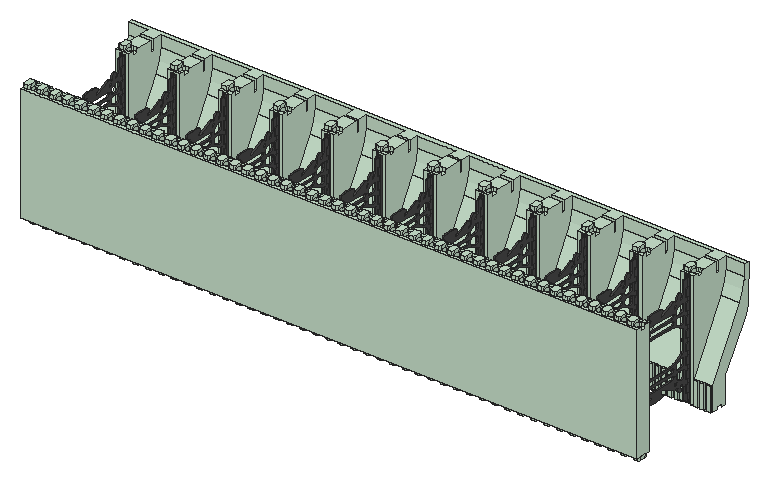
Revit family (continued)
Forms (in)
  Extrusion 106, void
    sketch origin (90, -6, 0) x (-1, 0, 0) y (0, -1, 0)
      loop
        arc (2, 4.89808) -> (1.95215, 5.04517) -> (1.82692, 5.13595) r 0.25
        arc (1.82692, 5.13595) -> (1.5, 5.1875) -> (1.17308, 5.13595) r 1.0625
        arc (1.17308, 5.13595) -> (1.04785, 5.04517) -> (1, 4.89808) r 0.25
    from 0 to 0.5
  Extrusion 107, void
    sketch origin (92, -6, 0) x (-1, 0, 0) y (0, -1, 0)
      loop
        line (1, 4.89808) -> (1, 3.97692)
        arc (1, 3.97692) -> (1.04785, 3.82983) -> (1.17308, 3.73905) r 0.25
        arc (1.17308, 3.73905) -> (1.42092, 3.69045) -> (1.67323, 3.70172) r 1.0625
        arc (1.67323, 3.70172) -> (1.72385, 3.68771) -> (1.74592, 3.64005) r 0.0625
        line (1.74592, 3.64005) -> (1.74592, 3.41845) -> (1.91675, 3.41845) -> (1.91675, 3.76455)
        arc (1.91675, 3.76455) -> (1.92106, 3.78736) -> (1.9334, 3.80702) r 0.0625
        arc (1.9334, 3.80702) -> (1.98276, 3.88568) -> (2, 3.97692) r 0.25
        line (2, 3.97692) -> (2, 4.89808)
        arc (2, 4.89808) -> (1.95215, 5.04517) -> (1.82692, 5.13595) r 0.25
        arc (1.82692, 5.13595) -> (1.5, 5.1875) -> (1.17308, 5.13595) r 1.0625
        arc (1.17308, 5.13595) -> (1.04785, 5.04517) -> (1, 4.89808) r 0.25
    from 0 to 0.5
  Extrusion 108, void
    sketch origin (94, -6, 0) x (-1, 0, 0) y (0, -1, 0)
      loop
        line (1, 4.89808) -> (1, 3.97692)
        arc (1, 3.97692) -> (1.04785, 3.82983) -> (1.17308, 3.73905) r 0.25
        arc (1.17308, 3.73905) -> (1.42092, 3.69045) -> (1.67323, 3.70172) r 1.0625
        arc (1.67323, 3.70172) -> (1.72385, 3.68771) -> (1.74592, 3.64005) r 0.0625
        line (1.74592, 3.64005) -> (1.74592, 3.41845) -> (1.91675, 3.41845) -> (1.91675, 3.76455)
        arc (1.91675, 3.76455) -> (1.92106, 3.78736) -> (1.9334, 3.80702) r 0.0625
        arc (1.9334, 3.80702) -> (1.98276, 3.88568) -> (2, 3.97692) r 0.25
        line (2, 3.97692) -> (2, 4.89808)
        arc (2, 4.89808) -> (1.95215, 5.04517) -> (1.82692, 5.13595) r 0.25
        arc (1.82692, 5.13595) -> (1.5, 5.1875) -> (1.17308, 5.13595) r 1.0625
        arc (1.17308, 5.13595) -> (1.04785, 5.04517) -> (1, 4.89808) r 0.25
    from 0 to 0.5
  Extrusion 109, void
    sketch origin (96, -6, 0) x (-1, 0, 0) y (0, -1, 0)
      loop
        line (1, 4.89808) -> (1, 3.97692)
        arc (1, 3.97692) -> (1.04785, 3.82983) -> (1.17308, 3.73905) r 0.25
        arc (1.17308, 3.73905) -> (1.42092, 3.69045) -> (1.67323, 3.70172) r 1.0625
        arc (1.67323, 3.70172) -> (1.72385, 3.68771) -> (1.74592, 3.64005) r 0.0625
        line (1.74592, 3.64005) -> (1.74592, 3.41845) -> (1.91675, 3.41845) -> (1.91675, 3.76455)
        arc (1.91675, 3.76455) -> (1.92106, 3.78736) -> (1.9334, 3.80702) r 0.0625
        arc (1.9334, 3.80702) -> (1.98276, 3.88568) -> (2, 3.97692) r 0.25
        line (2, 3.97692) -> (2, 4.89808)
        arc (2, 4.89808) -> (1.95215, 5.04517) -> (1.82692, 5.13595) r 0.25
        arc (1.82692, 5.13595) -> (1.5, 5.1875) -> (1.17308, 5.13595) r 1.0625
        arc (1.17308, 5.13595) -> (1.04785, 5.04517) -> (1, 4.89808) r 0.25
    from 0 to 0.5
  Extrusion 110, void
    sketch origin (94, 0, 0) x (1, 0, 0) y (0, 1, 0)
      loop
        line (1, 4.89808) -> (1, 3.97692)
        arc (1, 3.97692) -> (1.04785, 3.82983) -> (1.17308, 3.73905) r 0.25
        arc (1.17308, 3.73905) -> (1.42092, 3.69045) -> (1.67323, 3.70172) r 1.0625
        arc (1.67323, 3.70172) -> (1.72385, 3.68771) -> (1.74592, 3.64005) r 0.0625
        line (1.74592, 3.64005) -> (1.74592, 3.41845) -> (1.91675, 3.41845) -> (1.91675, 3.76455)
        arc (1.91675, 3.76455) -> (1.92106, 3.78736) -> (1.9334, 3.80702) r 0.0625
        arc (1.9334, 3.80702) -> (1.98276, 3.88568) -> (2, 3.97692) r 0.25
        line (2, 3.97692) -> (2, 4.89808)
        arc (2, 4.89808) -> (1.95215, 5.04517) -> (1.82692, 5.13595) r 0.25
        arc (1.82692, 5.13595) -> (1.5, 5.1875) -> (1.17308, 5.13595) r 1.0625
        arc (1.17308, 5.13595) -> (1.04785, 5.04517) -> (1, 4.89808) r 0.25
    from 0 to 0.5
  Extrusion 111, void
    sketch origin (92, 0, 0) x (1, 0, 0) y (0, 1, 0)
      loop
        line (1, 4.89808) -> (1, 3.97692)
        arc (1, 3.97692) -> (1.04785, 3.82983) -> (1.17308, 3.73905) r 0.25
        arc (1.17308, 3.73905) -> (1.42092, 3.69045) -> (1.67323, 3.70172) r 1.0625
        arc (1.67323, 3.70172) -> (1.72385, 3.68771) -> (1.74592, 3.64005) r 0.0625
        line (1.74592, 3.64005) -> (1.74592, 3.41845) -> (1.91675, 3.41845) -> (1.91675, 3.76455)
        arc (1.91675, 3.76455) -> (1.92106, 3.78736) -> (1.9334, 3.80702) r 0.0625
        arc (1.9334, 3.80702) -> (1.98276, 3.88568) -> (2, 3.97692) r 0.25
        line (2, 3.97692) -> (2, 4.89808)
        arc (2, 4.89808) -> (1.95215, 5.04517) -> (1.82692, 5.13595) r 0.25
        arc (1.82692, 5.13595) -> (1.5, 5.1875) -> (1.17308, 5.13595) r 1.0625
        arc (1.17308, 5.13595) -> (1.04785, 5.04517) -> (1, 4.89808) r 0.25
    from 0 to 0.5
  Extrusion 112, void
    sketch origin (90, 0, 0) x (1, 0, 0) y (0, 1, 0)
      loop
        line (1, 4.89808) -> (1, 3.97692)
        arc (1, 3.97692) -> (1.04785, 3.82983) -> (1.17308, 3.73905) r 0.25
        arc (1.17308, 3.73905) -> (1.42092, 3.69045) -> (1.67323, 3.70172) r 1.0625
        arc (1.67323, 3.70172) -> (1.72385, 3.68771) -> (1.74592, 3.64005) r 0.0625
        line (1.74592, 3.64005) -> (1.74592, 3.41845) -> (1.91675, 3.41845) -> (1.91675, 3.76455)
        arc (1.91675, 3.76455) -> (1.92106, 3.78736) -> (1.9334, 3.80702) r 0.0625
        arc (1.9334, 3.80702) -> (1.98276, 3.88568) -> (2, 3.97692) r 0.25
        line (2, 3.97692) -> (2, 4.89808)
        arc (2, 4.89808) -> (1.95215, 5.04517) -> (1.82692, 5.13595) r 0.25
        arc (1.82692, 5.13595) -> (1.5, 5.1875) -> (1.17308, 5.13595) r 1.0625
        arc (1.17308, 5.13595) -> (1.04785, 5.04517) -> (1, 4.89808) r 0.25
    from 0 to 0.5
  Extrusion 113, void
    sketch origin (88, 0, 0) x (1, 0, 0) y (0, 1, 0)
      loop
        line (1, 4.89808) -> (1, 3.97692)
        arc (1, 3.97692) -> (1.04785, 3.82983) -> (1.17308, 3.73905) r 0.25
        arc (1.17308, 3.73905) -> (1.42092, 3.69045) -> (1.67323, 3.70172) r 1.0625
        arc (1.67323, 3.70172) -> (1.72385, 3.68771) -> (1.74592, 3.64005) r 0.0625
        line (1.74592, 3.64005) -> (1.74592, 3.41845) -> (1.91675, 3.41845) -> (1.91675, 3.76455)
        arc (1.91675, 3.76455) -> (1.92106, 3.78736) -> (1.9334, 3.80702) r 0.0625
        arc (1.9334, 3.80702) -> (1.98276, 3.88568) -> (2, 3.97692) r 0.25
        line (2, 3.97692) -> (2, 4.89808)
        arc (2, 4.89808) -> (1.95215, 5.04517) -> (1.82692, 5.13595) r 0.25
        arc (1.82692, 5.13595) -> (1.5, 5.1875) -> (1.17308, 5.13595) r 1.0625
        arc (1.17308, 5.13595) -> (1.04785, 5.04517) -> (1, 4.89808) r 0.25
    from 0 to 0.5
  Extrusion 114, void
    sketch origin (86, 0, 0) x (1, 0, 0) y (0, 1, 0)
      loop
        line (1, 4.89808) -> (1, 3.97692)
        arc (1, 3.97692) -> (1.04785, 3.82983) -> (1.17308, 3.73905) r 0.25
        arc (1.17308, 3.73905) -> (1.42092, 3.69045) -> (1.67323, 3.70172) r 1.0625
        arc (1.67323, 3.70172) -> (1.72385, 3.68771) -> (1.74592, 3.64005) r 0.0625
        line (1.74592, 3.64005) -> (1.74592, 3.41845) -> (1.91675, 3.41845) -> (1.91675, 3.76455)
        arc (1.91675, 3.76455) -> (1.92106, 3.78736) -> (1.9334, 3.80702) r 0.0625
        arc (1.9334, 3.80702) -> (1.98276, 3.88568) -> (2, 3.97692) r 0.25
        line (2, 3.97692) -> (2, 4.89808)
        arc (2, 4.89808) -> (1.95215, 5.04517) -> (1.82692, 5.13595) r 0.25
        arc (1.82692, 5.13595) -> (1.5, 5.1875) -> (1.17308, 5.13595) r 1.0625
        arc (1.17308, 5.13595) -> (1.04785, 5.04517) -> (1, 4.89808) r 0.25
    from 0 to 0.5
  Extrusion 115, void
    sketch origin (84, 0, 0) x (1, 0, 0) y (0, 1, 0)
      loop
        line (1, 4.89808) -> (1, 3.97692)
        arc (1, 3.97692) -> (1.04785, 3.82983) -> (1.17308, 3.73905) r 0.25
        arc (1.17308, 3.73905) -> (1.42092, 3.69045) -> (1.67323, 3.70172) r 1.0625
        arc (1.67323, 3.70172) -> (1.72385, 3.68771) -> (1.74592, 3.64005) r 0.0625
        line (1.74592, 3.64005) -> (1.74592, 3.41845) -> (1.91675, 3.41845) -> (1.91675, 3.76455)
        arc (1.91675, 3.76455) -> (1.92106, 3.78736) -> (1.9334, 3.80702) r 0.0625
        arc (1.9334, 3.80702) -> (1.98276, 3.88568) -> (2, 3.97692) r 0.25
        line (2, 3.97692) -> (2, 4.89808)
        arc (2, 4.89808) -> (1.95215, 5.04517) -> (1.82692, 5.13595) r 0.25
        arc (1.82692, 5.13595) -> (1.5, 5.1875) -> (1.17308, 5.13595) r 1.0625
        arc (1.17308, 5.13595) -> (1.04785, 5.04517) -> (1, 4.89808) r 0.25
    from 0 to 0.5
  Extrusion 116, void
    sketch origin (82, 0, 0) x (1, 0, 0) y (0, 1, 0)
      loop
        line (1, 4.89808) -> (1, 3.97692)
        arc (1, 3.97692) -> (1.04785, 3.82983) -> (1.17308, 3.73905) r 0.25
        arc (1.17308, 3.73905) -> (1.42092, 3.69045) -> (1.67323, 3.70172) r 1.0625
        arc (1.67323, 3.70172) -> (1.72385, 3.68771) -> (1.74592, 3.64005) r 0.0625
        line (1.74592, 3.64005) -> (1.74592, 3.41845) -> (1.91675, 3.41845) -> (1.91675, 3.76455)
        arc (1.91675, 3.76455) -> (1.92106, 3.78736) -> (1.9334, 3.80702) r 0.0625
        arc (1.9334, 3.80702) -> (1.98276, 3.88568) -> (2, 3.97692) r 0.25
        line (2, 3.97692) -> (2, 4.89808)
        arc (2, 4.89808) -> (1.95215, 5.04517) -> (1.82692, 5.13595) r 0.25
        arc (1.82692, 5.13595) -> (1.5, 5.1875) -> (1.17308, 5.13595) r 1.0625
        arc (1.17308, 5.13595) -> (1.04785, 5.04517) -> (1, 4.89808) r 0.25
    from 0 to 0.5
  Extrusion 117, void
    sketch origin (80, 0, 0) x (1, 0, 0) y (0, 1, 0)
      loop
        line (1, 4.89808) -> (1, 3.97692)
        arc (1, 3.97692) -> (1.04785, 3.82983) -> (1.17308, 3.73905) r 0.25
        arc (1.17308, 3.73905) -> (1.42092, 3.69045) -> (1.67323, 3.70172) r 1.0625
        arc (1.67323, 3.70172) -> (1.72385, 3.68771) -> (1.74592, 3.64005) r 0.0625
        line (1.74592, 3.64005) -> (1.74592, 3.41845) -> (1.91675, 3.41845) -> (1.91675, 3.76455)
        arc (1.91675, 3.76455) -> (1.92106, 3.78736) -> (1.9334, 3.80702) r 0.0625
        arc (1.9334, 3.80702) -> (1.98276, 3.88568) -> (2, 3.97692) r 0.25
        line (2, 3.97692) -> (2, 4.89808)
        arc (2, 4.89808) -> (1.95215, 5.04517) -> (1.82692, 5.13595) r 0.25
        arc (1.82692, 5.13595) -> (1.5, 5.1875) -> (1.17308, 5.13595) r 1.0625
        arc (1.17308, 5.13595) -> (1.04785, 5.04517) -> (1, 4.89808) r 0.25
    from 0 to 0.5
  Extrusion 118, void
    sketch origin (78, 0, 0) x (1, 0, 0) y (0, 1, 0)
      loop
        line (1, 4.89808) -> (1, 3.97692)
        arc (1, 3.97692) -> (1.04785, 3.82983) -> (1.17308, 3.73905) r 0.25
        arc (1.17308, 3.73905) -> (1.42092, 3.69045) -> (1.67323, 3.70172) r 1.0625
        arc (1.67323, 3.70172) -> (1.72385, 3.68771) -> (1.74592, 3.64005) r 0.0625
        line (1.74592, 3.64005) -> (1.74592, 3.41845) -> (1.91675, 3.41845) -> (1.91675, 3.76455)
        arc (1.91675, 3.76455) -> (1.92106, 3.78736) -> (1.9334, 3.80702) r 0.0625
        arc (1.9334, 3.80702) -> (1.98276, 3.88568) -> (2, 3.97692) r 0.25
        line (2, 3.97692) -> (2, 4.89808)
        arc (2, 4.89808) -> (1.95215, 5.04517) -> (1.82692, 5.13595) r 0.25
        arc (1.82692, 5.13595) -> (1.5, 5.1875) -> (1.17308, 5.13595) r 1.0625
        arc (1.17308, 5.13595) -> (1.04785, 5.04517) -> (1, 4.89808) r 0.25
    from 0 to 0.5
  Extrusion 119, void
    sketch origin (76, 0, 0) x (1, 0, 0) y (0, 1, 0)
      loop
        line (1, 4.89808) -> (1, 3.97692)
        arc (1, 3.97692) -> (1.04785, 3.82983) -> (1.17308, 3.73905) r 0.25
        arc (1.17308, 3.73905) -> (1.42092, 3.69045) -> (1.67323, 3.70172) r 1.0625
        arc (1.67323, 3.70172) -> (1.72385, 3.68771) -> (1.74592, 3.64005) r 0.0625
        line (1.74592, 3.64005) -> (1.74592, 3.41845) -> (1.91675, 3.41845) -> (1.91675, 3.76455)
        arc (1.91675, 3.76455) -> (1.92106, 3.78736) -> (1.9334, 3.80702) r 0.0625
        arc (1.9334, 3.80702) -> (1.98276, 3.88568) -> (2, 3.97692) r 0.25
        line (2, 3.97692) -> (2, 4.89808)
        arc (2, 4.89808) -> (1.95215, 5.04517) -> (1.82692, 5.13595) r 0.25
        arc (1.82692, 5.13595) -> (1.5, 5.1875) -> (1.17308, 5.13595) r 1.0625
        arc (1.17308, 5.13595) -> (1.04785, 5.04517) -> (1, 4.89808) r 0.25
    from 0 to 0.5
  Extrusion 120, void
    sketch origin (74, 0, 0) x (1, 0, 0) y (0, 1, 0)
      loop
        line (1, 4.89808) -> (1, 3.97692)
        arc (1, 3.97692) -> (1.04785, 3.82983) -> (1.17308, 3.73905) r 0.25
        arc (1.17308, 3.73905) -> (1.42092, 3.69045) -> (1.67323, 3.70172) r 1.0625
        arc (1.67323, 3.70172) -> (1.72385, 3.68771) -> (1.74592, 3.64005) r 0.0625
        line (1.74592, 3.64005) -> (1.74592, 3.41845) -> (1.91675, 3.41845) -> (1.91675, 3.76455)
        arc (1.91675, 3.76455) -> (1.92106, 3.78736) -> (1.9334, 3.80702) r 0.0625
        arc (1.9334, 3.80702) -> (1.98276, 3.88568) -> (2, 3.97692) r 0.25
        line (2, 3.97692) -> (2, 4.89808)
        arc (2, 4.89808) -> (1.95215, 5.04517) -> (1.82692, 5.13595) r 0.25
        arc (1.82692, 5.13595) -> (1.5, 5.1875) -> (1.17308, 5.13595) r 1.0625
        arc (1.17308, 5.13595) -> (1.04785, 5.04517) -> (1, 4.89808) r 0.25
    from 0 to 0.5
  Extrusion 121, void
    sketch origin (72, 0, 0) x (1, 0, 0) y (0, 1, 0)
      loop
        line (1, 4.89808) -> (1, 3.97692)
        arc (1, 3.97692) -> (1.04785, 3.82983) -> (1.17308, 3.73905) r 0.25
        arc (1.17308, 3.73905) -> (1.42092, 3.69045) -> (1.67323, 3.70172) r 1.0625
        arc (1.67323, 3.70172) -> (1.72385, 3.68771) -> (1.74592, 3.64005) r 0.0625
        line (1.74592, 3.64005) -> (1.74592, 3.41845) -> (1.91675, 3.41845) -> (1.91675, 3.76455)
        arc (1.91675, 3.76455) -> (1.92106, 3.78736) -> (1.9334, 3.80702) r 0.0625
        arc (1.9334, 3.80702) -> (1.98276, 3.88568) -> (2, 3.97692) r 0.25
        line (2, 3.97692) -> (2, 4.89808)
        arc (2, 4.89808) -> (1.95215, 5.04517) -> (1.82692, 5.13595) r 0.25
        arc (1.82692, 5.13595) -> (1.5, 5.1875) -> (1.17308, 5.13595) r 1.0625
        arc (1.17308, 5.13595) -> (1.04785, 5.04517) -> (1, 4.89808) r 0.25
    from 0 to 0.5
  Extrusion 122, void
    sketch origin (70, 0, 0) x (1, 0, 0) y (0, 1, 0)
      loop
        line (1, 4.89808) -> (1, 3.97692)
        arc (1, 3.97692) -> (1.04785, 3.82983) -> (1.17308, 3.73905) r 0.25
        arc (1.17308, 3.73905) -> (1.42092, 3.69045) -> (1.67323, 3.70172) r 1.0625
        arc (1.67323, 3.70172) -> (1.72385, 3.68771) -> (1.74592, 3.64005) r 0.0625
        line (1.74592, 3.64005) -> (1.74592, 3.41845) -> (1.91675, 3.41845) -> (1.91675, 3.76455)
        arc (1.91675, 3.76455) -> (1.92106, 3.78736) -> (1.9334, 3.80702) r 0.0625
        arc (1.9334, 3.80702) -> (1.98276, 3.88568) -> (2, 3.97692) r 0.25
        line (2, 3.97692) -> (2, 4.89808)
        arc (2, 4.89808) -> (1.95215, 5.04517) -> (1.82692, 5.13595) r 0.25
        arc (1.82692, 5.13595) -> (1.5, 5.1875) -> (1.17308, 5.13595) r 1.0625
        arc (1.17308, 5.13595) -> (1.04785, 5.04517) -> (1, 4.89808) r 0.25
    from 0 to 0.5
  Extrusion 123, void
    sketch origin (68, 0, 0) x (1, 0, 0) y (0, 1, 0)
      loop
        line (1, 4.89808) -> (1, 3.97692)
        arc (1, 3.97692) -> (1.04785, 3.82983) -> (1.17308, 3.73905) r 0.25
        arc (1.17308, 3.73905) -> (1.42092, 3.69045) -> (1.67323, 3.70172) r 1.0625
        arc (1.67323, 3.70172) -> (1.72385, 3.68771) -> (1.74592, 3.64005) r 0.0625
        line (1.74592, 3.64005) -> (1.74592, 3.41845) -> (1.91675, 3.41845) -> (1.91675, 3.76455)
        arc (1.91675, 3.76455) -> (1.92106, 3.78736) -> (1.9334, 3.80702) r 0.0625
        arc (1.9334, 3.80702) -> (1.98276, 3.88568) -> (2, 3.97692) r 0.25
        line (2, 3.97692) -> (2, 4.89808)
        arc (2, 4.89808) -> (1.95215, 5.04517) -> (1.82692, 5.13595) r 0.25
        arc (1.82692, 5.13595) -> (1.5, 5.1875) -> (1.17308, 5.13595) r 1.0625
        arc (1.17308, 5.13595) -> (1.04785, 5.04517) -> (1, 4.89808) r 0.25
    from 0 to 0.5
  Extrusion 124, void
    sketch origin (66, 0, 0) x (1, 0, 0) y (0, 1, 0)
      loop
        line (1, 4.89808) -> (1, 3.97692)
        arc (1, 3.97692) -> (1.04785, 3.82983) -> (1.17308, 3.73905) r 0.25
        arc (1.17308, 3.73905) -> (1.42092, 3.69045) -> (1.67323, 3.70172) r 1.0625
        arc (1.67323, 3.70172) -> (1.72385, 3.68771) -> (1.74592, 3.64005) r 0.0625
        line (1.74592, 3.64005) -> (1.74592, 3.41845) -> (1.91675, 3.41845) -> (1.91675, 3.76455)
        arc (1.91675, 3.76455) -> (1.92106, 3.78736) -> (1.9334, 3.80702) r 0.0625
        arc (1.9334, 3.80702) -> (1.98276, 3.88568) -> (2, 3.97692) r 0.25
        line (2, 3.97692) -> (2, 4.89808)
        arc (2, 4.89808) -> (1.95215, 5.04517) -> (1.82692, 5.13595) r 0.25
        arc (1.82692, 5.13595) -> (1.5, 5.1875) -> (1.17308, 5.13595) r 1.0625
        arc (1.17308, 5.13595) -> (1.04785, 5.04517) -> (1, 4.89808) r 0.25
    from 0 to 0.5
  Extrusion 125, void
    sketch origin (64, 0, 0) x (1, 0, 0) y (0, 1, 0)
      loop
        line (1, 4.89808) -> (1, 3.97692)
        arc (1, 3.97692) -> (1.04785, 3.82983) -> (1.17308, 3.73905) r 0.25
        arc (1.17308, 3.73905) -> (1.42092, 3.69045) -> (1.67323, 3.70172) r 1.0625
        arc (1.67323, 3.70172) -> (1.72385, 3.68771) -> (1.74592, 3.64005) r 0.0625
        line (1.74592, 3.64005) -> (1.74592, 3.41845) -> (1.91675, 3.41845) -> (1.91675, 3.76455)
        arc (1.91675, 3.76455) -> (1.92106, 3.78736) -> (1.9334, 3.80702) r 0.0625
        arc (1.9334, 3.80702) -> (1.98276, 3.88568) -> (2, 3.97692) r 0.25
        line (2, 3.97692) -> (2, 4.89808)
        arc (2, 4.89808) -> (1.95215, 5.04517) -> (1.82692, 5.13595) r 0.25
        arc (1.82692, 5.13595) -> (1.5, 5.1875) -> (1.17308, 5.13595) r 1.0625
        arc (1.17308, 5.13595) -> (1.04785, 5.04517) -> (1, 4.89808) r 0.25
    from 0 to 0.5
  Extrusion 126, void
    sketch origin (62, 0, 0) x (1, 0, 0) y (0, 1, 0)
      loop
        line (1, 4.89808) -> (1, 3.97692)
        arc (1, 3.97692) -> (1.04785, 3.82983) -> (1.17308, 3.73905) r 0.25
        arc (1.17308, 3.73905) -> (1.42092, 3.69045) -> (1.67323, 3.70172) r 1.0625
        arc (1.67323, 3.70172) -> (1.72385, 3.68771) -> (1.74592, 3.64005) r 0.0625
        line (1.74592, 3.64005) -> (1.74592, 3.41845) -> (1.91675, 3.41845) -> (1.91675, 3.76455)
        arc (1.91675, 3.76455) -> (1.92106, 3.78736) -> (1.9334, 3.80702) r 0.0625
        arc (1.9334, 3.80702) -> (1.98276, 3.88568) -> (2, 3.97692) r 0.25
        line (2, 3.97692) -> (2, 4.89808)
        arc (2, 4.89808) -> (1.95215, 5.04517) -> (1.82692, 5.13595) r 0.25
        arc (1.82692, 5.13595) -> (1.5, 5.1875) -> (1.17308, 5.13595) r 1.0625
        arc (1.17308, 5.13595) -> (1.04785, 5.04517) -> (1, 4.89808) r 0.25
    from 0 to 0.5
  Extrusion 127, void
    sketch origin (60, 0, 0) x (1, 0, 0) y (0, 1, 0)
      loop
        line (1, 4.89808) -> (1, 3.97692)
        arc (1, 3.97692) -> (1.04785, 3.82983) -> (1.17308, 3.73905) r 0.25
        arc (1.17308, 3.73905) -> (1.42092, 3.69045) -> (1.67323, 3.70172) r 1.0625
        arc (1.67323, 3.70172) -> (1.72385, 3.68771) -> (1.74592, 3.64005) r 0.0625
        line (1.74592, 3.64005) -> (1.74592, 3.41845) -> (1.91675, 3.41845) -> (1.91675, 3.76455)
        arc (1.91675, 3.76455) -> (1.92106, 3.78736) -> (1.9334, 3.80702) r 0.0625
        arc (1.9334, 3.80702) -> (1.98276, 3.88568) -> (2, 3.97692) r 0.25
        line (2, 3.97692) -> (2, 4.89808)
        arc (2, 4.89808) -> (1.95215, 5.04517) -> (1.82692, 5.13595) r 0.25
        arc (1.82692, 5.13595) -> (1.5, 5.1875) -> (1.17308, 5.13595) r 1.0625
        arc (1.17308, 5.13595) -> (1.04785, 5.04517) -> (1, 4.89808) r 0.25
    from 0 to 0.5
  Extrusion 128, void
    sketch origin (58, 0, 0) x (1, 0, 0) y (0, 1, 0)
      loop
        line (1, 4.89808) -> (1, 3.97692)
        arc (1, 3.97692) -> (1.04785, 3.82983) -> (1.17308, 3.73905) r 0.25
        arc (1.17308, 3.73905) -> (1.42092, 3.69045) -> (1.67323, 3.70172) r 1.0625
        arc (1.67323, 3.70172) -> (1.72385, 3.68771) -> (1.74592, 3.64005) r 0.0625
        line (1.74592, 3.64005) -> (1.74592, 3.41845) -> (1.91675, 3.41845) -> (1.91675, 3.76455)
        arc (1.91675, 3.76455) -> (1.92106, 3.78736) -> (1.9334, 3.80702) r 0.0625
        arc (1.9334, 3.80702) -> (1.98276, 3.88568) -> (2, 3.97692) r 0.25
        line (2, 3.97692) -> (2, 4.89808)
        arc (2, 4.89808) -> (1.95215, 5.04517) -> (1.82692, 5.13595) r 0.25
        arc (1.82692, 5.13595) -> (1.5, 5.1875) -> (1.17308, 5.13595) r 1.0625
        arc (1.17308, 5.13595) -> (1.04785, 5.04517) -> (1, 4.89808) r 0.25
    from 0 to 0.5
  Extrusion 129, void
    sketch origin (56, 0, 0) x (1, 0, 0) y (0, 1, 0)
      loop
        line (1, 4.89808) -> (1, 3.97692)
        arc (1, 3.97692) -> (1.04785, 3.82983) -> (1.17308, 3.73905) r 0.25
        arc (1.17308, 3.73905) -> (1.42092, 3.69045) -> (1.67323, 3.70172) r 1.0625
        arc (1.67323, 3.70172) -> (1.72385, 3.68771) -> (1.74592, 3.64005) r 0.0625
        line (1.74592, 3.64005) -> (1.74592, 3.41845) -> (1.91675, 3.41845) -> (1.91675, 3.76455)
        arc (1.91675, 3.76455) -> (1.92106, 3.78736) -> (1.9334, 3.80702) r 0.0625
        arc (1.9334, 3.80702) -> (1.98276, 3.88568) -> (2, 3.97692) r 0.25
        line (2, 3.97692) -> (2, 4.89808)
        arc (2, 4.89808) -> (1.95215, 5.04517) -> (1.82692, 5.13595) r 0.25
        arc (1.82692, 5.13595) -> (1.5, 5.1875) -> (1.17308, 5.13595) r 1.0625
        arc (1.17308, 5.13595) -> (1.04785, 5.04517) -> (1, 4.89808) r 0.25
    from 0 to 0.5
  Extrusion 130, void
    sketch origin (54, 0, 0) x (1, 0, 0) y (0, 1, 0)
      loop
        line (1, 4.89808) -> (1, 3.97692)
        arc (1, 3.97692) -> (1.04785, 3.82983) -> (1.17308, 3.73905) r 0.25
        arc (1.17308, 3.73905) -> (1.42092, 3.69045) -> (1.67323, 3.70172) r 1.0625
        arc (1.67323, 3.70172) -> (1.72385, 3.68771) -> (1.74592, 3.64005) r 0.0625
        line (1.74592, 3.64005) -> (1.74592, 3.41845) -> (1.91675, 3.41845) -> (1.91675, 3.76455)
        arc (1.91675, 3.76455) -> (1.92106, 3.78736) -> (1.9334, 3.80702) r 0.0625
        arc (1.9334, 3.80702) -> (1.98276, 3.88568) -> (2, 3.97692) r 0.25
        line (2, 3.97692) -> (2, 4.89808)
        arc (2, 4.89808) -> (1.95215, 5.04517) -> (1.82692, 5.13595) r 0.25
        arc (1.82692, 5.13595) -> (1.5, 5.1875) -> (1.17308, 5.13595) r 1.0625
        arc (1.17308, 5.13595) -> (1.04785, 5.04517) -> (1, 4.89808) r 0.25
    from 0 to 0.5
  Extrusion 131, void
    sketch origin (52, 0, 0) x (1, 0, 0) y (0, 1, 0)
      loop
        line (1, 4.89808) -> (1, 3.97692)
        arc (1, 3.97692) -> (1.04785, 3.82983) -> (1.17308, 3.73905) r 0.25
        arc (1.17308, 3.73905) -> (1.42092, 3.69045) -> (1.67323, 3.70172) r 1.0625
        arc (1.67323, 3.70172) -> (1.72385, 3.68771) -> (1.74592, 3.64005) r 0.0625
        line (1.74592, 3.64005) -> (1.74592, 3.41845) -> (1.91675, 3.41845) -> (1.91675, 3.76455)
        arc (1.91675, 3.76455) -> (1.92106, 3.78736) -> (1.9334, 3.80702) r 0.0625
        arc (1.9334, 3.80702) -> (1.98276, 3.88568) -> (2, 3.97692) r 0.25
        line (2, 3.97692) -> (2, 4.89808)
        arc (2, 4.89808) -> (1.95215, 5.04517) -> (1.82692, 5.13595) r 0.25
        arc (1.82692, 5.13595) -> (1.5, 5.1875) -> (1.17308, 5.13595) r 1.0625
        arc (1.17308, 5.13595) -> (1.04785, 5.04517) -> (1, 4.89808) r 0.25
    from 0 to 0.5
  Extrusion 132, void
    sketch origin (50, 0, 0) x (1, 0, 0) y (0, 1, 0)
      loop
        line (1, 4.89808) -> (1, 3.97692)
        arc (1, 3.97692) -> (1.04785, 3.82983) -> (1.17308, 3.73905) r 0.25
        arc (1.17308, 3.73905) -> (1.42092, 3.69045) -> (1.67323, 3.70172) r 1.0625
        arc (1.67323, 3.70172) -> (1.72385, 3.68771) -> (1.74592, 3.64005) r 0.0625
        line (1.74592, 3.64005) -> (1.74592, 3.41845) -> (1.91675, 3.41845) -> (1.91675, 3.76455)
        arc (1.91675, 3.76455) -> (1.92106, 3.78736) -> (1.9334, 3.80702) r 0.0625
        arc (1.9334, 3.80702) -> (1.98276, 3.88568) -> (2, 3.97692) r 0.25
        line (2, 3.97692) -> (2, 4.89808)
        arc (2, 4.89808) -> (1.95215, 5.04517) -> (1.82692, 5.13595) r 0.25
        arc (1.82692, 5.13595) -> (1.5, 5.1875) -> (1.17308, 5.13595) r 1.0625
        arc (1.17308, 5.13595) -> (1.04785, 5.04517) -> (1, 4.89808) r 0.25
    from 0 to 0.5
  Extrusion 133, void
    sketch origin (48, 0, 0) x (1, 0, 0) y (0, 1, 0)
      loop
        line (1, 4.89808) -> (1, 3.97692)
        arc (1, 3.97692) -> (1.04785, 3.82983) -> (1.17308, 3.73905) r 0.25
        arc (1.17308, 3.73905) -> (1.42092, 3.69045) -> (1.67323, 3.70172) r 1.0625
        arc (1.67323, 3.70172) -> (1.72385, 3.68771) -> (1.74592, 3.64005) r 0.0625
        line (1.74592, 3.64005) -> (1.74592, 3.41845) -> (1.91675, 3.41845) -> (1.91675, 3.76455)
        arc (1.91675, 3.76455) -> (1.92106, 3.78736) -> (1.9334, 3.80702) r 0.0625
        arc (1.9334, 3.80702) -> (1.98276, 3.88568) -> (2, 3.97692) r 0.25
        line (2, 3.97692) -> (2, 4.89808)
        arc (2, 4.89808) -> (1.95215, 5.04517) -> (1.82692, 5.13595) r 0.25
        arc (1.82692, 5.13595) -> (1.5, 5.1875) -> (1.17308, 5.13595) r 1.0625
        arc (1.17308, 5.13595) -> (1.04785, 5.04517) -> (1, 4.89808) r 0.25
    from 0 to 0.5
  Extrusion 134, void
    sketch origin (46, 0, 0) x (1, 0, 0) y (0, 1, 0)
      loop
        line (1, 4.89808) -> (1, 3.97692)
        arc (1, 3.97692) -> (1.04785, 3.82983) -> (1.17308, 3.73905) r 0.25
        arc (1.17308, 3.73905) -> (1.42092, 3.69045) -> (1.67323, 3.70172) r 1.0625
        arc (1.67323, 3.70172) -> (1.72385, 3.68771) -> (1.74592, 3.64005) r 0.0625
        line (1.74592, 3.64005) -> (1.74592, 3.41845) -> (1.91675, 3.41845) -> (1.91675, 3.76455)
        arc (1.91675, 3.76455) -> (1.92106, 3.78736) -> (1.9334, 3.80702) r 0.0625
        arc (1.9334, 3.80702) -> (1.98276, 3.88568) -> (2, 3.97692) r 0.25
        line (2, 3.97692) -> (2, 4.89808)
        arc (2, 4.89808) -> (1.95215, 5.04517) -> (1.82692, 5.13595) r 0.25
        arc (1.82692, 5.13595) -> (1.5, 5.1875) -> (1.17308, 5.13595) r 1.0625
        arc (1.17308, 5.13595) -> (1.04785, 5.04517) -> (1, 4.89808) r 0.25
    from 0 to 0.5
  Extrusion 135, void
    sketch origin (44, 0, 0) x (1, 0, 0) y (0, 1, 0)
      loop
        line (1, 4.89808) -> (1, 3.97692)
        arc (1, 3.97692) -> (1.04785, 3.82983) -> (1.17308, 3.73905) r 0.25
        arc (1.17308, 3.73905) -> (1.42092, 3.69045) -> (1.67323, 3.70172) r 1.0625
        arc (1.67323, 3.70172) -> (1.72385, 3.68771) -> (1.74592, 3.64005) r 0.0625
        line (1.74592, 3.64005) -> (1.74592, 3.41845) -> (1.91675, 3.41845) -> (1.91675, 3.76455)
        arc (1.91675, 3.76455) -> (1.92106, 3.78736) -> (1.9334, 3.80702) r 0.0625
        arc (1.9334, 3.80702) -> (1.98276, 3.88568) -> (2, 3.97692) r 0.25
        line (2, 3.97692) -> (2, 4.89808)
        arc (2, 4.89808) -> (1.95215, 5.04517) -> (1.82692, 5.13595) r 0.25
        arc (1.82692, 5.13595) -> (1.5, 5.1875) -> (1.17308, 5.13595) r 1.0625
        arc (1.17308, 5.13595) -> (1.04785, 5.04517) -> (1, 4.89808) r 0.25
    from 0 to 0.5
  Extrusion 136, void
    sketch origin (42, 0, 0) x (1, 0, 0) y (0, 1, 0)
      loop
        line (1, 4.89808) -> (1, 3.97692)
        arc (1, 3.97692) -> (1.04785, 3.82983) -> (1.17308, 3.73905) r 0.25
        arc (1.17308, 3.73905) -> (1.42092, 3.69045) -> (1.67323, 3.70172) r 1.0625
        arc (1.67323, 3.70172) -> (1.72385, 3.68771) -> (1.74592, 3.64005) r 0.0625
        line (1.74592, 3.64005) -> (1.74592, 3.41845) -> (1.91675, 3.41845) -> (1.91675, 3.76455)
        arc (1.91675, 3.76455) -> (1.92106, 3.78736) -> (1.9334, 3.80702) r 0.0625
        arc (1.9334, 3.80702) -> (1.98276, 3.88568) -> (2, 3.97692) r 0.25
        line (2, 3.97692) -> (2, 4.89808)
        arc (2, 4.89808) -> (1.95215, 5.04517) -> (1.82692, 5.13595) r 0.25
        arc (1.82692, 5.13595) -> (1.5, 5.1875) -> (1.17308, 5.13595) r 1.0625
        arc (1.17308, 5.13595) -> (1.04785, 5.04517) -> (1, 4.89808) r 0.25
    from 0 to 0.5
  Extrusion 137, void
    sketch origin (40, 0, 0) x (1, 0, 0) y (0, 1, 0)
      loop
        line (1, 4.89808) -> (1, 3.97692)
        arc (1, 3.97692) -> (1.04785, 3.82983) -> (1.17308, 3.73905) r 0.25
        arc (1.17308, 3.73905) -> (1.42092, 3.69045) -> (1.67323, 3.70172) r 1.0625
        arc (1.67323, 3.70172) -> (1.72385, 3.68771) -> (1.74592, 3.64005) r 0.0625
        line (1.74592, 3.64005) -> (1.74592, 3.41845) -> (1.91675, 3.41845) -> (1.91675, 3.76455)
        arc (1.91675, 3.76455) -> (1.92106, 3.78736) -> (1.9334, 3.80702) r 0.0625
        arc (1.9334, 3.80702) -> (1.98276, 3.88568) -> (2, 3.97692) r 0.25
        line (2, 3.97692) -> (2, 4.89808)
        arc (2, 4.89808) -> (1.95215, 5.04517) -> (1.82692, 5.13595) r 0.25
        arc (1.82692, 5.13595) -> (1.5, 5.1875) -> (1.17308, 5.13595) r 1.0625
        arc (1.17308, 5.13595) -> (1.04785, 5.04517) -> (1, 4.89808) r 0.25
    from 0 to 0.5
  Extrusion 138, void
    sketch origin (38, 0, 0) x (1, 0, 0) y (0, 1, 0)
      loop
        line (1, 4.89808) -> (1, 3.97692)
        arc (1, 3.97692) -> (1.04785, 3.82983) -> (1.17308, 3.73905) r 0.25
        arc (1.17308, 3.73905) -> (1.42092, 3.69045) -> (1.67323, 3.70172) r 1.0625
        arc (1.67323, 3.70172) -> (1.72385, 3.68771) -> (1.74592, 3.64005) r 0.0625
        line (1.74592, 3.64005) -> (1.74592, 3.41845) -> (1.91675, 3.41845) -> (1.91675, 3.76455)
        arc (1.91675, 3.76455) -> (1.92106, 3.78736) -> (1.9334, 3.80702) r 0.0625
        arc (1.9334, 3.80702) -> (1.98276, 3.88568) -> (2, 3.97692) r 0.25
        line (2, 3.97692) -> (2, 4.89808)
        arc (2, 4.89808) -> (1.95215, 5.04517) -> (1.82692, 5.13595) r 0.25
        arc (1.82692, 5.13595) -> (1.5, 5.1875) -> (1.17308, 5.13595) r 1.0625
        arc (1.17308, 5.13595) -> (1.04785, 5.04517) -> (1, 4.89808) r 0.25
    from 0 to 0.5
  Extrusion 139, void
    sketch origin (36, 0, 0) x (1, 0, 0) y (0, 1, 0)
      loop
        line (1, 4.89808) -> (1, 3.97692)
        arc (1, 3.97692) -> (1.04785, 3.82983) -> (1.17308, 3.73905) r 0.25
        arc (1.17308, 3.73905) -> (1.42092, 3.69045) -> (1.67323, 3.70172) r 1.0625
        arc (1.67323, 3.70172) -> (1.72385, 3.68771) -> (1.74592, 3.64005) r 0.0625
        line (1.74592, 3.64005) -> (1.74592, 3.41845) -> (1.91675, 3.41845) -> (1.91675, 3.76455)
        arc (1.91675, 3.76455) -> (1.92106, 3.78736) -> (1.9334, 3.80702) r 0.0625
        arc (1.9334, 3.80702) -> (1.98276, 3.88568) -> (2, 3.97692) r 0.25
        line (2, 3.97692) -> (2, 4.89808)
        arc (2, 4.89808) -> (1.95215, 5.04517) -> (1.82692, 5.13595) r 0.25
        arc (1.82692, 5.13595) -> (1.5, 5.1875) -> (1.17308, 5.13595) r 1.0625
        arc (1.17308, 5.13595) -> (1.04785, 5.04517) -> (1, 4.89808) r 0.25
    from 0 to 0.5
  Extrusion 140, void
    sketch origin (34, 0, 0) x (1, 0, 0) y (0, 1, 0)
      loop
        line (1, 4.89808) -> (1, 3.97692)
        arc (1, 3.97692) -> (1.04785, 3.82983) -> (1.17308, 3.73905) r 0.25
        arc (1.17308, 3.73905) -> (1.42092, 3.69045) -> (1.67323, 3.70172) r 1.0625
        arc (1.67323, 3.70172) -> (1.72385, 3.68771) -> (1.74592, 3.64005) r 0.0625
        line (1.74592, 3.64005) -> (1.74592, 3.41845) -> (1.91675, 3.41845) -> (1.91675, 3.76455)
        arc (1.91675, 3.76455) -> (1.92106, 3.78736) -> (1.9334, 3.80702) r 0.0625
        arc (1.9334, 3.80702) -> (1.98276, 3.88568) -> (2, 3.97692) r 0.25
        line (2, 3.97692) -> (2, 4.89808)
        arc (2, 4.89808) -> (1.95215, 5.04517) -> (1.82692, 5.13595) r 0.25
        arc (1.82692, 5.13595) -> (1.5, 5.1875) -> (1.17308, 5.13595) r 1.0625
        arc (1.17308, 5.13595) -> (1.04785, 5.04517) -> (1, 4.89808) r 0.25
    from 0 to 0.5
  Extrusion 141, void
    sketch origin (32, 0, 0) x (1, 0, 0) y (0, 1, 0)
      loop
        line (1, 4.89808) -> (1, 3.97692)
        arc (1, 3.97692) -> (1.04785, 3.82983) -> (1.17308, 3.73905) r 0.25
        arc (1.17308, 3.73905) -> (1.42092, 3.69045) -> (1.67323, 3.70172) r 1.0625
        arc (1.67323, 3.70172) -> (1.72385, 3.68771) -> (1.74592, 3.64005) r 0.0625
        line (1.74592, 3.64005) -> (1.74592, 3.41845) -> (1.91675, 3.41845) -> (1.91675, 3.76455)
        arc (1.91675, 3.76455) -> (1.92106, 3.78736) -> (1.9334, 3.80702) r 0.0625
        arc (1.9334, 3.80702) -> (1.98276, 3.88568) -> (2, 3.97692) r 0.25
        line (2, 3.97692) -> (2, 4.89808)
        arc (2, 4.89808) -> (1.95215, 5.04517) -> (1.82692, 5.13595) r 0.25
        arc (1.82692, 5.13595) -> (1.5, 5.1875) -> (1.17308, 5.13595) r 1.0625
        arc (1.17308, 5.13595) -> (1.04785, 5.04517) -> (1, 4.89808) r 0.25
    from 0 to 0.5
  Extrusion 142, void
    sketch origin (30, 0, 0) x (1, 0, 0) y (0, 1, 0)
      loop
        line (1, 4.89808) -> (1, 3.97692)
        arc (1, 3.97692) -> (1.04785, 3.82983) -> (1.17308, 3.73905) r 0.25
        arc (1.17308, 3.73905) -> (1.42092, 3.69045) -> (1.67323, 3.70172) r 1.0625
        arc (1.67323, 3.70172) -> (1.72385, 3.68771) -> (1.74592, 3.64005) r 0.0625
        line (1.74592, 3.64005) -> (1.74592, 3.41845) -> (1.91675, 3.41845) -> (1.91675, 3.76455)
        arc (1.91675, 3.76455) -> (1.92106, 3.78736) -> (1.9334, 3.80702) r 0.0625
        arc (1.9334, 3.80702) -> (1.98276, 3.88568) -> (2, 3.97692) r 0.25
        line (2, 3.97692) -> (2, 4.89808)
        arc (2, 4.89808) -> (1.95215, 5.04517) -> (1.82692, 5.13595) r 0.25
        arc (1.82692, 5.13595) -> (1.5, 5.1875) -> (1.17308, 5.13595) r 1.0625
        arc (1.17308, 5.13595) -> (1.04785, 5.04517) -> (1, 4.89808) r 0.25
    from 0 to 0.5
  Extrusion 143, void
    sketch origin (28, 0, 0) x (1, 0, 0) y (0, 1, 0)
      loop
        line (1, 4.89808) -> (1, 3.97692)
        arc (1, 3.97692) -> (1.04785, 3.82983) -> (1.17308, 3.73905) r 0.25
        arc (1.17308, 3.73905) -> (1.42092, 3.69045) -> (1.67323, 3.70172) r 1.0625
        arc (1.67323, 3.70172) -> (1.72385, 3.68771) -> (1.74592, 3.64005) r 0.0625
        line (1.74592, 3.64005) -> (1.74592, 3.41845) -> (1.91675, 3.41845) -> (1.91675, 3.76455)
        arc (1.91675, 3.76455) -> (1.92106, 3.78736) -> (1.9334, 3.80702) r 0.0625
        arc (1.9334, 3.80702) -> (1.98276, 3.88568) -> (2, 3.97692) r 0.25
        line (2, 3.97692) -> (2, 4.89808)
        arc (2, 4.89808) -> (1.95215, 5.04517) -> (1.82692, 5.13595) r 0.25
        arc (1.82692, 5.13595) -> (1.5, 5.1875) -> (1.17308, 5.13595) r 1.0625
        arc (1.17308, 5.13595) -> (1.04785, 5.04517) -> (1, 4.89808) r 0.25
    from 0 to 0.5
  Extrusion 144, void
    sketch origin (26, 0, 0) x (1, 0, 0) y (0, 1, 0)
      loop
        line (1, 4.89808) -> (1, 3.97692)
        arc (1, 3.97692) -> (1.04785, 3.82983) -> (1.17308, 3.73905) r 0.25
        arc (1.17308, 3.73905) -> (1.42092, 3.69045) -> (1.67323, 3.70172) r 1.0625
        arc (1.67323, 3.70172) -> (1.72385, 3.68771) -> (1.74592, 3.64005) r 0.0625
        line (1.74592, 3.64005) -> (1.74592, 3.41845) -> (1.91675, 3.41845) -> (1.91675, 3.76455)
        arc (1.91675, 3.76455) -> (1.92106, 3.78736) -> (1.9334, 3.80702) r 0.0625
        arc (1.9334, 3.80702) -> (1.98276, 3.88568) -> (2, 3.97692) r 0.25
        line (2, 3.97692) -> (2, 4.89808)
        arc (2, 4.89808) -> (1.95215, 5.04517) -> (1.82692, 5.13595) r 0.25
        arc (1.82692, 5.13595) -> (1.5, 5.1875) -> (1.17308, 5.13595) r 1.0625
        arc (1.17308, 5.13595) -> (1.04785, 5.04517) -> (1, 4.89808) r 0.25
    from 0 to 0.5
  Extrusion 145, void
    sketch origin (24, 0, 0) x (1, 0, 0) y (0, 1, 0)
      loop
        line (1, 4.89808) -> (1, 3.97692)
        arc (1, 3.97692) -> (1.04785, 3.82983) -> (1.17308, 3.73905) r 0.25
        arc (1.17308, 3.73905) -> (1.42092, 3.69045) -> (1.67323, 3.70172) r 1.0625
        arc (1.67323, 3.70172) -> (1.72385, 3.68771) -> (1.74592, 3.64005) r 0.0625
        line (1.74592, 3.64005) -> (1.74592, 3.41845) -> (1.91675, 3.41845) -> (1.91675, 3.76455)
        arc (1.91675, 3.76455) -> (1.92106, 3.78736) -> (1.9334, 3.80702) r 0.0625
        arc (1.9334, 3.80702) -> (1.98276, 3.88568) -> (2, 3.97692) r 0.25
        line (2, 3.97692) -> (2, 4.89808)
        arc (2, 4.89808) -> (1.95215, 5.04517) -> (1.82692, 5.13595) r 0.25
        arc (1.82692, 5.13595) -> (1.5, 5.1875) -> (1.17308, 5.13595) r 1.0625
        arc (1.17308, 5.13595) -> (1.04785, 5.04517) -> (1, 4.89808) r 0.25
    from 0 to 0.5
  Extrusion 146, void
    sketch origin (22, 0, 0) x (1, 0, 0) y (0, 1, 0)
      loop
        line (1, 4.89808) -> (1, 3.97692)
        arc (1, 3.97692) -> (1.04785, 3.82983) -> (1.17308, 3.73905) r 0.25
        arc (1.17308, 3.73905) -> (1.42092, 3.69045) -> (1.67323, 3.70172) r 1.0625
        arc (1.67323, 3.70172) -> (1.72385, 3.68771) -> (1.74592, 3.64005) r 0.0625
        line (1.74592, 3.64005) -> (1.74592, 3.41845) -> (1.91675, 3.41845) -> (1.91675, 3.76455)
        arc (1.91675, 3.76455) -> (1.92106, 3.78736) -> (1.9334, 3.80702) r 0.0625
        arc (1.9334, 3.80702) -> (1.98276, 3.88568) -> (2, 3.97692) r 0.25
        line (2, 3.97692) -> (2, 4.89808)
        arc (2, 4.89808) -> (1.95215, 5.04517) -> (1.82692, 5.13595) r 0.25
        arc (1.82692, 5.13595) -> (1.5, 5.1875) -> (1.17308, 5.13595) r 1.0625
        arc (1.17308, 5.13595) -> (1.04785, 5.04517) -> (1, 4.89808) r 0.25
    from 0 to 0.5
  Extrusion 147, void
    sketch origin (20, 0, 0) x (1, 0, 0) y (0, 1, 0)
      loop
        line (1, 4.89808) -> (1, 3.97692)
        arc (1, 3.97692) -> (1.04785, 3.82983) -> (1.17308, 3.73905) r 0.25
        arc (1.17308, 3.73905) -> (1.42092, 3.69045) -> (1.67323, 3.70172) r 1.0625
        arc (1.67323, 3.70172) -> (1.72385, 3.68771) -> (1.74592, 3.64005) r 0.0625
        line (1.74592, 3.64005) -> (1.74592, 3.41845) -> (1.91675, 3.41845) -> (1.91675, 3.76455)
        arc (1.91675, 3.76455) -> (1.92106, 3.78736) -> (1.9334, 3.80702) r 0.0625
        arc (1.9334, 3.80702) -> (1.98276, 3.88568) -> (2, 3.97692) r 0.25
        line (2, 3.97692) -> (2, 4.89808)
        arc (2, 4.89808) -> (1.95215, 5.04517) -> (1.82692, 5.13595) r 0.25
        arc (1.82692, 5.13595) -> (1.5, 5.1875) -> (1.17308, 5.13595) r 1.0625
        arc (1.17308, 5.13595) -> (1.04785, 5.04517) -> (1, 4.89808) r 0.25
    from 0 to 0.5
  Extrusion 148, void
    sketch origin (18, 0, 0) x (1, 0, 0) y (0, 1, 0)
      loop
        line (1, 4.89808) -> (1, 3.97692)
        arc (1, 3.97692) -> (1.04785, 3.82983) -> (1.17308, 3.73905) r 0.25
        arc (1.17308, 3.73905) -> (1.42092, 3.69045) -> (1.67323, 3.70172) r 1.0625
        arc (1.67323, 3.70172) -> (1.72385, 3.68771) -> (1.74592, 3.64005) r 0.0625
        line (1.74592, 3.64005) -> (1.74592, 3.41845) -> (1.91675, 3.41845) -> (1.91675, 3.76455)
        arc (1.91675, 3.76455) -> (1.92106, 3.78736) -> (1.9334, 3.80702) r 0.0625
        arc (1.9334, 3.80702) -> (1.98276, 3.88568) -> (2, 3.97692) r 0.25
        line (2, 3.97692) -> (2, 4.89808)
        arc (2, 4.89808) -> (1.95215, 5.04517) -> (1.82692, 5.13595) r 0.25
        arc (1.82692, 5.13595) -> (1.5, 5.1875) -> (1.17308, 5.13595) r 1.0625
        arc (1.17308, 5.13595) -> (1.04785, 5.04517) -> (1, 4.89808) r 0.25
    from 0 to 0.5
  Extrusion 149, void
    sketch origin (16, 0, 0) x (1, 0, 0) y (0, 1, 0)
      loop
        line (1, 4.89808) -> (1, 3.97692)
        arc (1, 3.97692) -> (1.04785, 3.82983) -> (1.17308, 3.73905) r 0.25
        arc (1.17308, 3.73905) -> (1.42092, 3.69045) -> (1.67323, 3.70172) r 1.0625
        arc (1.67323, 3.70172) -> (1.72385, 3.68771) -> (1.74592, 3.64005) r 0.0625
        line (1.74592, 3.64005) -> (1.74592, 3.41845) -> (1.91675, 3.41845) -> (1.91675, 3.76455)
        arc (1.91675, 3.76455) -> (1.92106, 3.78736) -> (1.9334, 3.80702) r 0.0625
        arc (1.9334, 3.80702) -> (1.98276, 3.88568) -> (2, 3.97692) r 0.25
        line (2, 3.97692) -> (2, 4.89808)
        arc (2, 4.89808) -> (1.95215, 5.04517) -> (1.82692, 5.13595) r 0.25
        arc (1.82692, 5.13595) -> (1.5, 5.1875) -> (1.17308, 5.13595) r 1.0625
        arc (1.17308, 5.13595) -> (1.04785, 5.04517) -> (1, 4.89808) r 0.25
    from 0 to 0.5
  Extrusion 150, void
    sketch origin (14, 0, 0) x (1, 0, 0) y (0, 1, 0)
      loop
        line (1, 4.89808) -> (1, 3.97692)
        arc (1, 3.97692) -> (1.04785, 3.82983) -> (1.17308, 3.73905) r 0.25
        arc (1.17308, 3.73905) -> (1.42092, 3.69045) -> (1.67323, 3.70172) r 1.0625
        arc (1.67323, 3.70172) -> (1.72385, 3.68771) -> (1.74592, 3.64005) r 0.0625
        line (1.74592, 3.64005) -> (1.74592, 3.41845) -> (1.91675, 3.41845) -> (1.91675, 3.76455)
        arc (1.91675, 3.76455) -> (1.92106, 3.78736) -> (1.9334, 3.80702) r 0.0625
        arc (1.9334, 3.80702) -> (1.98276, 3.88568) -> (2, 3.97692) r 0.25
        line (2, 3.97692) -> (2, 4.89808)
        arc (2, 4.89808) -> (1.95215, 5.04517) -> (1.82692, 5.13595) r 0.25
        arc (1.82692, 5.13595) -> (1.5, 5.1875) -> (1.17308, 5.13595) r 1.0625
        arc (1.17308, 5.13595) -> (1.04785, 5.04517) -> (1, 4.89808) r 0.25
    from 0 to 0.5
  Extrusion 151, void
    sketch origin (12, 0, 0) x (1, 0, 0) y (0, 1, 0)
      loop
        line (1, 4.89808) -> (1, 3.97692)
        arc (1, 3.97692) -> (1.04785, 3.82983) -> (1.17308, 3.73905) r 0.25
        arc (1.17308, 3.73905) -> (1.42092, 3.69045) -> (1.67323, 3.70172) r 1.0625
        arc (1.67323, 3.70172) -> (1.72385, 3.68771) -> (1.74592, 3.64005) r 0.0625
        line (1.74592, 3.64005) -> (1.74592, 3.41845) -> (1.91675, 3.41845) -> (1.91675, 3.76455)
        arc (1.91675, 3.76455) -> (1.92106, 3.78736) -> (1.9334, 3.80702) r 0.0625
        arc (1.9334, 3.80702) -> (1.98276, 3.88568) -> (2, 3.97692) r 0.25
        line (2, 3.97692) -> (2, 4.89808)
        arc (2, 4.89808) -> (1.95215, 5.04517) -> (1.82692, 5.13595) r 0.25
        arc (1.82692, 5.13595) -> (1.5, 5.1875) -> (1.17308, 5.13595) r 1.0625
        arc (1.17308, 5.13595) -> (1.04785, 5.04517) -> (1, 4.89808) r 0.25
    from 0 to 0.5
  Extrusion 152, void
    sketch origin (10, 0, 0) x (1, 0, 0) y (0, 1, 0)
      loop
        line (1, 4.89808) -> (1, 3.97692)
        arc (1, 3.97692) -> (1.04785, 3.82983) -> (1.17308, 3.73905) r 0.25
        arc (1.17308, 3.73905) -> (1.42092, 3.69045) -> (1.67323, 3.70172) r 1.0625
        arc (1.67323, 3.70172) -> (1.72385, 3.68771) -> (1.74592, 3.64005) r 0.0625
        line (1.74592, 3.64005) -> (1.74592, 3.41845) -> (1.91675, 3.41845) -> (1.91675, 3.76455)
        arc (1.91675, 3.76455) -> (1.92106, 3.78736) -> (1.9334, 3.80702) r 0.0625
        arc (1.9334, 3.80702) -> (1.98276, 3.88568) -> (2, 3.97692) r 0.25
        line (2, 3.97692) -> (2, 4.89808)
        arc (2, 4.89808) -> (1.95215, 5.04517) -> (1.82692, 5.13595) r 0.25
        arc (1.82692, 5.13595) -> (1.5, 5.1875) -> (1.17308, 5.13595) r 1.0625
        arc (1.17308, 5.13595) -> (1.04785, 5.04517) -> (1, 4.89808) r 0.25
    from 0 to 0.5
  Extrusion 153, void
    sketch origin (8, 0, 0) x (1, 0, 0) y (0, 1, 0)
      loop
        line (1, 4.89808) -> (1, 3.97692)
        arc (1, 3.97692) -> (1.04785, 3.82983) -> (1.17308, 3.73905) r 0.25
        arc (1.17308, 3.73905) -> (1.42092, 3.69045) -> (1.67323, 3.70172) r 1.0625
        arc (1.67323, 3.70172) -> (1.72385, 3.68771) -> (1.74592, 3.64005) r 0.0625
        line (1.74592, 3.64005) -> (1.74592, 3.41845) -> (1.91675, 3.41845) -> (1.91675, 3.76455)
        arc (1.91675, 3.76455) -> (1.92106, 3.78736) -> (1.9334, 3.80702) r 0.0625
        arc (1.9334, 3.80702) -> (1.98276, 3.88568) -> (2, 3.97692) r 0.25
        line (2, 3.97692) -> (2, 4.89808)
        arc (2, 4.89808) -> (1.95215, 5.04517) -> (1.82692, 5.13595) r 0.25
        arc (1.82692, 5.13595) -> (1.5, 5.1875) -> (1.17308, 5.13595) r 1.0625
        arc (1.17308, 5.13595) -> (1.04785, 5.04517) -> (1, 4.89808) r 0.25
    from 0 to 0.5
  Extrusion 154, void
    sketch origin (6, 0, 0) x (1, 0, 0) y (0, 1, 0)
      loop
        line (1, 4.89808) -> (1, 3.97692)
        arc (1, 3.97692) -> (1.04785, 3.82983) -> (1.17308, 3.73905) r 0.25
        arc (1.17308, 3.73905) -> (1.42092, 3.69045) -> (1.67323, 3.70172) r 1.0625
        arc (1.67323, 3.70172) -> (1.72385, 3.68771) -> (1.74592, 3.64005) r 0.0625
        line (1.74592, 3.64005) -> (1.74592, 3.41845) -> (1.91675, 3.41845) -> (1.91675, 3.76455)
        arc (1.91675, 3.76455) -> (1.92106, 3.78736) -> (1.9334, 3.80702) r 0.0625
        arc (1.9334, 3.80702) -> (1.98276, 3.88568) -> (2, 3.97692) r 0.25
        line (2, 3.97692) -> (2, 4.89808)
        arc (2, 4.89808) -> (1.95215, 5.04517) -> (1.82692, 5.13595) r 0.25
        arc (1.82692, 5.13595) -> (1.5, 5.1875) -> (1.17308, 5.13595) r 1.0625
        arc (1.17308, 5.13595) -> (1.04785, 5.04517) -> (1, 4.89808) r 0.25
    from 0 to 0.5
  Extrusion 155, void
    sketch origin (4, 0, 0) x (1, 0, 0) y (0, 1, 0)
      loop
        line (1, 4.89808) -> (1, 3.97692)
        arc (1, 3.97692) -> (1.04785, 3.82983) -> (1.17308, 3.73905) r 0.25
        arc (1.17308, 3.73905) -> (1.42092, 3.69045) -> (1.67323, 3.70172) r 1.0625
        arc (1.67323, 3.70172) -> (1.72385, 3.68771) -> (1.74592, 3.64005) r 0.0625
        line (1.74592, 3.64005) -> (1.74592, 3.41845) -> (1.91675, 3.41845) -> (1.91675, 3.76455)
        arc (1.91675, 3.76455) -> (1.92106, 3.78736) -> (1.9334, 3.80702) r 0.0625
        arc (1.9334, 3.80702) -> (1.98276, 3.88568) -> (2, 3.97692) r 0.25
        line (2, 3.97692) -> (2, 4.89808)
        arc (2, 4.89808) -> (1.95215, 5.04517) -> (1.82692, 5.13595) r 0.25
        arc (1.82692, 5.13595) -> (1.5, 5.1875) -> (1.17308, 5.13595) r 1.0625
        arc (1.17308, 5.13595) -> (1.04785, 5.04517) -> (1, 4.89808) r 0.25
    from 0 to 0.5
  Extrusion 156, void
    sketch origin (2, 0, 0) x (1, 0, 0) y (0, 1, 0)
      loop
        line (1, 4.89808) -> (1, 3.97692)
        arc (1, 3.97692) -> (1.04785, 3.82983) -> (1.17308, 3.73905) r 0.25
        arc (1.17308, 3.73905) -> (1.42092, 3.69045) -> (1.67323, 3.70172) r 1.0625
        arc (1.67323, 3.70172) -> (1.72385, 3.68771) -> (1.74592, 3.64005) r 0.0625
        line (1.74592, 3.64005) -> (1.74592, 3.41845) -> (1.91675, 3.41845) -> (1.91675, 3.76455)
        arc (1.91675, 3.76455) -> (1.92106, 3.78736) -> (1.9334, 3.80702) r 0.0625
        arc (1.9334, 3.80702) -> (1.98276, 3.88568) -> (2, 3.97692) r 0.25
        line (2, 3.97692) -> (2, 4.89808)
        arc (2, 4.89808) -> (1.95215, 5.04517) -> (1.82692, 5.13595) r 0.25
        arc (1.82692, 5.13595) -> (1.5, 5.1875) -> (1.17308, 5.13595) r 1.0625
        arc (1.17308, 5.13595) -> (1.04785, 5.04517) -> (1, 4.89808) r 0.25
    from 0 to 0.5
  Extrusion 157, void
    sketch origin (0, 0, 0) x (1, 0, 0) y (0, 1, 0)
      loop
        line (1, 4.89808) -> (1, 3.97692)
        arc (1, 3.97692) -> (1.04785, 3.82983) -> (1.17308, 3.73905) r 0.25
        arc (1.17308, 3.73905) -> (1.42092, 3.69045) -> (1.67323, 3.70172) r 1.0625
        arc (1.67323, 3.70172) -> (1.72385, 3.68771) -> (1.74592, 3.64005) r 0.0625
        line (1.74592, 3.64005) -> (1.74592, 3.41845) -> (1.91675, 3.41845) -> (1.91675, 3.76455)
        arc (1.91675, 3.76455) -> (1.92106, 3.78736) -> (1.9334, 3.80702) r 0.0625
        arc (1.9334, 3.80702) -> (1.98276, 3.88568) -> (2, 3.97692) r 0.25
        line (2, 3.97692) -> (2, 4.89808)
        arc (2, 4.89808) -> (1.95215, 5.04517) -> (1.82692, 5.13595) r 0.25
        arc (1.82692, 5.13595) -> (1.5, 5.1875) -> (1.17308, 5.13595) r 1.0625
        arc (1.17308, 5.13595) -> (1.04785, 5.04517) -> (1, 4.89808) r 0.25
    from 0 to 0.5
  Extrusion 158, solid, material "NUDURA Expanded Polystyrene Foam Insulation"
    sketch origin (0, 0, 0) x (0, 1, 0) y (0, 0, 1)
      loop
        line (10.125, 13) -> (10.125, 18) -> (9.425, 18) -> (9.425, 16.25)
        arc (9.425, 16.25) -> (9.05432, 14.58521) -> (8.425, 13) r 10.75
        line (8.425, 13) -> (3.25, 3.625) -> (3.25, 0) -> (5.625, 0) -> (5.625, 3.875)
        arc (5.625, 3.875) -> (5.64627, 4.11731) -> (5.71712, 4.35) r 1.17149
        line (5.71712, 4.35) -> (9.45513, 10.5)
        arc (9.45513, 10.5) -> (9.95463, 11.70591) -> (10.125, 13) r 5
    from 0 to 96
  Extrusion 159, solid, material "NUDURA Expanded Polystyrene Foam Insulation"
    sketch origin (0, 0, 0) x (0, 1, 0) y (0, 0, 1)
      loop
        arc (8.125, 16.5) -> (7.875, 16.25) -> (7.625, 16.5) r 0.25
        line (7.625, 16.5) -> (7.625, 18) -> (3.25, 18) -> (3.25, 3.625) -> (8.425, 13)
        arc (8.425, 13) -> (9.05432, 14.58521) -> (9.425, 16.25) r 10.75
        line (9.425, 16.25) -> (9.425, 18) -> (8.125, 18) -> (8.125, 16.5)
    from 3 to 5
  Extrusion 160, solid, material "NUDURA Expanded Polystyrene Foam Insulation"
    sketch origin (0, 0, 0) x (0, 1, 0) y (0, 0, 1)
      loop
        arc (8.125, 16.5) -> (7.875, 16.25) -> (7.625, 16.5) r 0.25
        line (7.625, 16.5) -> (7.625, 18) -> (3.25, 18) -> (3.25, 3.625) -> (8.425, 13)
        arc (8.425, 13) -> (9.05432, 14.58521) -> (9.425, 16.25) r 10.75
        line (9.425, 16.25) -> (9.425, 18) -> (8.125, 18) -> (8.125, 16.5)
    from 11 to 13
  Extrusion 161, solid, material "NUDURA Expanded Polystyrene Foam Insulation"
    sketch origin (8, 0, 0) x (0, 1, 0) y (0, 0, 1)
      loop
        arc (8.125, 16.5) -> (7.875, 16.25) -> (7.625, 16.5) r 0.25
        line (7.625, 16.5) -> (7.625, 18) -> (3.25, 18) -> (3.25, 3.625) -> (8.425, 13)
        arc (8.425, 13) -> (9.05432, 14.58521) -> (9.425, 16.25) r 10.75
        line (9.425, 16.25) -> (9.425, 18) -> (8.125, 18) -> (8.125, 16.5)
    from 11 to 13
  Extrusion 162, solid, material "NUDURA Expanded Polystyrene Foam Insulation"
    sketch origin (0, 0, 0) x (0, 1, 0) y (0, 0, 1)
      loop
        line (9.425, 18) -> (8.125, 18) -> (8.125, 16.5)
        arc (8.125, 16.5) -> (7.875, 16.25) -> (7.625, 16.5) r 0.25
        line (7.625, 16.5) -> (7.625, 18) -> (3.25, 18) -> (3.25, 3.625) -> (8.425, 13)
        arc (8.425, 13) -> (9.05432, 14.58521) -> (9.425, 16.25) r 10.75
        line (9.425, 16.25) -> (9.425, 18)
    from 27 to 29
  Extrusion 163, solid, material "NUDURA Expanded Polystyrene Foam Insulation"
    sketch origin (0, 0, 0) x (0, 1, 0) y (0, 0, 1)
      loop
        line (9.425, 18) -> (8.125, 18) -> (8.125, 16.5)
        arc (8.125, 16.5) -> (7.875, 16.25) -> (7.625, 16.5) r 0.25
        line (7.625, 16.5) -> (7.625, 18) -> (3.25, 18) -> (3.25, 3.625) -> (8.425, 13)
        arc (8.425, 13) -> (9.05432, 14.58521) -> (9.425, 16.25) r 10.75
        line (9.425, 16.25) -> (9.425, 18)
    from 35 to 37
  Extrusion 164, solid, material "NUDURA Expanded Polystyrene Foam Insulation"
    sketch origin (0, 0, 0) x (0, 1, 0) y (0, 0, 1)
      loop
        line (9.425, 18) -> (8.125, 18) -> (8.125, 16.5)
        arc (8.125, 16.5) -> (7.875, 16.25) -> (7.625, 16.5) r 0.25
        line (7.625, 16.5) -> (7.625, 18) -> (3.25, 18) -> (3.25, 3.625) -> (8.425, 13)
        arc (8.425, 13) -> (9.05432, 14.58521) -> (9.425, 16.25) r 10.75
        line (9.425, 16.25) -> (9.425, 18)
    from 43 to 45
  Extrusion 165, solid, material "NUDURA Expanded Polystyrene Foam Insulation"
    sketch origin (0, 0, 0) x (0, 1, 0) y (0, 0, 1)
      loop
        line (9.425, 18) -> (8.125, 18) -> (8.125, 16.5)
        arc (8.125, 16.5) -> (7.875, 16.25) -> (7.625, 16.5) r 0.25
        line (7.625, 16.5) -> (7.625, 18) -> (3.25, 18) -> (3.25, 3.625) -> (8.425, 13)
        arc (8.425, 13) -> (9.05432, 14.58521) -> (9.425, 16.25) r 10.75
        line (9.425, 16.25) -> (9.425, 18)
    from 51 to 53
  Extrusion 166, solid, material "NUDURA Expanded Polystyrene Foam Insulation"
    sketch origin (0, 0, 0) x (0, 1, 0) y (0, 0, 1)
      loop
        line (9.425, 18) -> (8.125, 18) -> (8.125, 16.5)
        arc (8.125, 16.5) -> (7.875, 16.25) -> (7.625, 16.5) r 0.25
